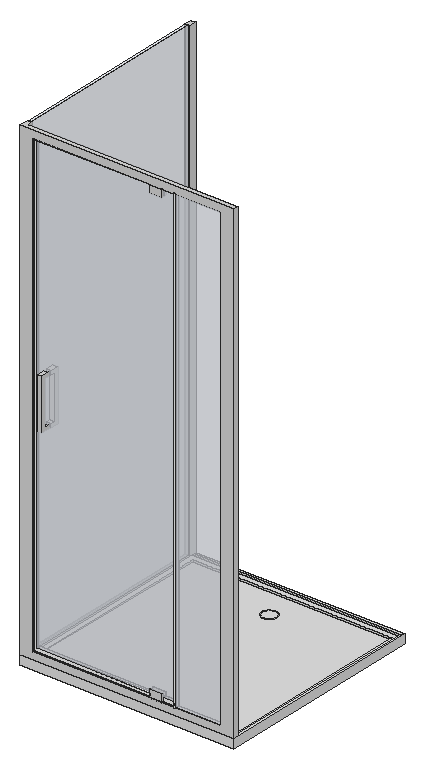
Revit family "Reece_Shower_Posh_Bristol MK2_Shower Base and Screen", category Plumbing Fixtures, Revit 2018
Family settings
  Round Connector Dimension = Use Diameter
  Part Type = Normal
  Work Plane-Based = Yes
  Always vertical = Yes
  Cut with Voids When Loaded = Yes
  Shared = Yes
  Room Calculation Point = Yes
Parameters (values of type "900mm x 900mm_Centre Rear Outlet")
  URL = "https://www.reece.com.au/product/-1712018"
  Type Comments = "Shower"
  Reece_Screen_Height = 2000 mm  # constant formula
  Reece_Product_Web Page = "https://www.reece.com.au/product/-1712018"
  Reece_Product_Type = "Shower"  # constant formula
  Reece_Product_Sub Brand = "Bristol MK2"  # constant formula
  Reece_Product_Number = "1712018"
  Reece_Product_Mount = "Floor Mounted"
  Reece_Product_Description = "Bristol Torbex MK2 Shower Base and Screen System 900 x 900mm"
  Reece_Product_Brand = "Posh"  # constant formula
  Reece_Overall_Width = 900 mm
  Reece_Overall_Height = 2035 mm  # constant formula
  Reece_Overall_Depth = 900 mm  # constant formula
  Reece_Material_Secondary = Reece_Plastic_Transparent
  Reece_Material_Screen = Reece_Safety Glass_Transparent
  Reece_Material_Main = Reece_Brass_Chrome
  Reece_Material_Base = Reece_Composite_White
  Reece_Detail_Function = "Left or Right Hand Opening"  # constant formula
  Reece_Detail_Disclaimer = "THIS FILE IS THE PROPERTY OF THE REECE GROUP. IT MAY NOT BE REPRODUCED, REVERSE-ENGINEERED OR MODIFIED. ANY REPUBLICATION, TRANSMISSION OR DISTRIBUTION FOR THE PURPOSE OF COMMERCIALLY EXPLOITING THE FILES IS PROHIBITED."  # constant formula
  Reece_Detail_Additional = "Shower System"  # constant formula
  Model = "Bristol MK2"
  Manufacturer = "Posh"
  Keynote = "Product #1712018, Reece_Shower_Posh_Bristol MK2_Shower Base and Screen - 900mm x 900mm_Centre Rear Outlet"
  Disclaimer = "THIS FILE IS THE PROPERTY OF THE REECE GROUP. IT MAY NOT BE REPRODUCED, REVERSE-ENGINEERED OR MODIFIED. ANY REPUBLICATION, TRANSMISSION OR DISTRIBUTION FOR THE PURPOSE OF COMMERCIALLY EXPLOITING THE FILES IS PROHIBITED."  # constant formula
  Description = "Bristol Torbex MK2 Shower Base and Screen System 900 x 900mm"
  Default Elevation = 0 mm
Types (3, lengths in mm): name | URL | Reece_Product_Web Page | Reece_Product_Number | Reece_Product_Description | Reece_Overall_Width | Keynote | Description
  (no name) | "https://www.reece.com.au/product/-1712018" | "https://www.reece.com.au/product/-1712018" | "1712018" | "Bristol Torbex MK2 Shower Base and Screen System 900 x 900mm" | 900 | "Product #1712018, Reece_Shower_Posh_Bristol MK2_Shower Base and Screen -  " | "Bristol Torbex MK2 Shower Base and Screen System 900 x 900mm"
  900mm x 900mm_Centre Rear Outlet | "https://www.reece.com.au/product/-1712018" | "https://www.reece.com.au/product/-1712018" | "1712018" | "Bristol Torbex MK2 Shower Base and Screen System 900 x 900mm" | 900 | "Product #1712018, Reece_Shower_Posh_Bristol MK2_Shower Base and Screen - 900mm x 900mm_Centre Rear Outlet" | "Bristol Torbex MK2 Shower Base and Screen System 900 x 900mm"
  1200mm x 900mm_Centre Rear Outlet | "https://www.reece.com.au/product/-1712019" | "https://www.reece.com.au/product/-1712019" | "1712019" | "Bristol Torbex MK2 Base and Screen System 1200 x 900mm" | 1200 | "Product #1712019, Reece_Shower_Posh_Bristol MK2_Shower Base and Screen - 1200mm x 900mm_Centre Rear Outlet" | "Bristol Torbex MK2 Base and Screen System 1200 x 900mm"
Reference planes
  plane 1 "Center (Front/Back)": y = 0
  plane 2 "Height From Floor": z = 0
  plane 3 "Center (Left/Right)": x = 0
  plane 4 "Bottom Of Invisible Line": z = -5
  plane 5: x = 450
  plane 6: x = -450
  plane 7: z = 2035
  plane 8: z = 35
  plane 9: y = 450
  plane 10: y = -450
Lines and regions (mm)
  model lines, style "InvisibleLines"
    curve 1: line (0, 0, -5) -> (0, 0, 0)
Text (mm)
  text "Reece ©" at (3346.054, -2381.597, 2289.162), in view "Reece Preview"
  text "Reece Copyright © 2018, Reece Ltd." at (-1480.688, -1049.466, 0), in view "Ref. Level"
Dimensions and locks
  level to plane 2 "Height From Floor" = 0 mm
  locked: level to plane 4 "Bottom Of Invisible Line" at 5
  "Reece_Overall_Width": plane 6 to plane 5
  equal spacing: plane 6, plane 3 "Center (Left/Right)", plane 5
  "Reece_Screen_Height": plane 7 to plane 8
  "Reece_Overall_Height": plane 7 to level
  plane 8 to level = 35 mm
  "Reece_Overall_Depth": plane 10 to plane 9
  equal spacing: plane 10, plane 1 "Center (Front/Back)", plane 9
  nested 2 to nested 2 to nested 2 = 195 mm, 597.5 mm
  aligned and locked: plane 3 "Center (Left/Right)" to nested 1
  aligned and locked: plane 1 "Center (Front/Back)" to nested 1
  aligned and locked: plane 3 "Center (Left/Right)" to nested 2
  aligned and locked: plane 1 "Center (Front/Back)" to nested 2
Automatic sketch dimensions
  curve 1 to level = 0 mm
  curve 1 to plane 3 "Center (Left/Right)" = 0 mm
  curve 1 to plane 4 "Bottom Of Invisible Line" = 0 mm
Nested families
  nested 1: "Reece_Shower_Posh_Bristol MK2_Shower Base_Nested" at (0, 0, 0), Reece_Overall_Depth <- "Reece_Overall_Depth", Reece_Overall_Width <- "Reece_Overall_Width", Reece_Material_Base <- "Reece_Material_Base", type "Composite"
    with Reece_Overall_Width 900 mm, Reece_Overall_Depth 900 mm, Reece_Material_Base Reece_Composite_White
  nested 2: "Reece_Shower_Posh_Bristol MK2_Shower Door & Screen_Nested" at (0, 0, 35), Reece_Material_Main <- "Reece_Material_Main", Reece_Material_Screen <- "Reece_Material_Screen", Reece_Material_Secondary <- "Reece_Material_Secondary", Reece_Overall_Depth <- "Reece_Overall_Depth", Reece_Overall_Width <- "Reece_Overall_Width", type "Reece_Shower_Posh_Bristol MK2_Shower Door & Screen_Nested"
    with Reece_Overall_Width 900 mm, Reece_Overall_Depth 900 mm, Reece_Material_Secondary Reece_Plastic_Transparent, Reece_Material_Screen Reece_Safety Glass_Transparent, Reece_Material_Main Reece_Brass_Chrome
Definition of nested family "Reece_Shower_Posh_Bristol MK2_Shower Base_Nested"
  Parameters (values of type "Composite")
    Waste Connection = no
    WFU = 0
    Vent Connection = no
    URL = ""
    Type Comments = ""
    Reece_Overall_Width [instance] = 900 mm
    Reece_Overall_Depth [instance] = 900 mm
    Reece_Material_Base [instance] = none
    Model = ""
    Manufacturer = ""
    Keynote = ""
    HWFU = 0
    HW Connection = no
    Description = ""
    Default Elevation = 0 mm
    Cost = 0
    CWFU = 0
    CW Connection = no
    Assembly Code = ""
  Reference planes
    plane 1 "Center (Front/Back)": y = 0
    plane 2: z = 0
    plane 3 "Center (Left/Right)": x = 0
    plane 4: x = -450
    plane 5: x = 450
    plane 6: y = -450
    plane 7: y = 450
  Forms (mm)
    Extrusion 1, solid
      sketch origin (619.2, 470, 0) x (1, 0, 0) y (0, 1, 0)
        loop
          line (-1219.2, 130) -> (-1219.2, -1070) -> (-19.2, -1070) -> (-19.2, 130) -> (-1219.2, 130)
      from 0 to -35.776
    Sweep 2, solid, material <- "Reece_Material_Base"
      path origin (0, 0, 0) x (-1, 0, 0) y (0, -1, 0)
        loop
          line (-450, 450) -> (-450, -450) -> (450, -450) -> (450, 450) -> (-450, 450)
      profile origin (450, 0, 0) x (-1, 0, 0) y (0, 0, 1)
        loop
          line (0, 0) -> (30, 0) -> (30, 25) -> (10, 25) -> (10, 35) -> (0, 35) -> (0, 0)
    Extrusion 3, solid, material <- "Reece_Material_Base"
      sketch origin (0, -450, 0) x (-1, 0, 0) y (0, -1, 0)
        loop
          line (-420, -30) -> (-420, -870) -> (420, -870) -> (420, -30) -> (-420, -30)
        loop
          circle (0, -750) r 31
        loop
          circle (0, -750) r 30.5
      from 0 to 25
    Extrusion 4, void
      sketch origin (0, 0, 0) x (0, 1, 0) y (0, 0, 1)
        loop
          line (420, 15.227) -> (420, 25) -> (-440, 25) -> (420, 15.227)
      from -420 to 420
  Cuts and joins
    Extrusion 4 cuts Sweep 2
    Extrusion 4 cuts Extrusion 3
    joined: Sweep 2, Extrusion 3
  Text (mm)
    text "Reece Copyright © 2018, Reece Ltd." at (-1624.402, -1205.801, 0), in view "Ref. Level"
    text "Reece ©" at (651.51, -88.566, -141.437), in view "Reece_Preview"
  Dimensions and locks
    "Reece_Overall_Width": plane 4 to plane 5
    equal spacing: plane 4, plane 3 "Center (Left/Right)", plane 5
    "Reece_Overall_Depth": plane 7 to plane 6
    equal spacing: plane 7, plane 1 "Center (Front/Back)", plane 6
    locked: plane 4 to cut or joined group of Sweep 2, Extrusion 3, Extrusion 4 at 30
    locked: plane 7 to cut or joined group of Sweep 2, Extrusion 3, Extrusion 4 at 30
    locked: cut or joined group of Sweep 2, Extrusion 3, Extrusion 4 to plane 5 at 30
    locked: Extrusion 3 sketch curve to plane 6 at 30
    aligned and locked: Extrusion 1 to plane 2
    aligned and locked: Extrusion 1 to level
    aligned and locked: Sweep 2 sketch curve to plane 5
    aligned and locked: plane 4 to Sweep 2 sketch curve
    aligned and locked: plane 7 to Sweep 2 sketch curve
    aligned and locked: Sweep 2 sketch curve to plane 4
    aligned and locked: Sweep 2 sketch curve to plane 6
  Automatic sketch dimensions
    Extrusion 1 sketch curve to Extrusion 1 sketch curve = 1200 mm  (x2)
    Sweep 2 sketch curve to level = 0 mm
    Sweep 2 sketch curve to profile plane = 0 mm
    Extrusion 3 sketch curve to plane 3 "Center (Left/Right)" = 0 mm
    Extrusion 3 sketch curve to plane 4 = 30 mm
    plane 5 to Extrusion 3 sketch curve = 30 mm
    Extrusion 3 sketch curve to plane 7 = 30 mm
    Extrusion 3 sketch curve to plane 7 = 150 mm
    Extrusion 3 sketch curve to Extrusion 3 sketch curve = 0 mm  (x2)
    Sweep 2 sketch curve to Sweep 2 sketch curve = 10 mm  (x2)
    Sweep 2 sketch curve to Sweep 2 sketch curve = 20 mm
    level to Sweep 2 sketch curve = 25 mm
    Extrusion 4 sketch curve to plane 6 = 10 mm
    Extrusion 4 sketch curve to plane 7 = 30 mm
    level to Extrusion 4 sketch curve = 15.227 mm
    level to Extrusion 4 sketch curve = 25 mm
    radius of Extrusion 3 sketch curve = 31 mm
    radius of Extrusion 3 sketch curve = 30.5 mm
Definition of nested family "Reece_Shower_Posh_Bristol MK2_Shower Door & Screen_Nested"
  Parameters (values of type "Reece_Shower_Posh_Bristol MK2_Shower Door & Screen_Nested")
    Waste Connection = no
    WFU = 0
    Vent Connection = no
    URL = ""
    Type Comments = ""
    Reece_Overall_Width [instance] = 900 mm
    Reece_Overall_Depth [instance] = 900 mm
    Reece_Material_Secondary [instance] = none
    Reece_Material_Screen [instance] = none
    Reece_Material_Main [instance] = none
    Model = ""
    Manufacturer = ""
    Keynote = ""
    HWFU = 0
    HW Connection = no
    Description = ""
    Default Elevation = 0 mm
    Cost = 0
    CWFU = 0
    CW Connection = no
    Assembly Code = ""
  Reference planes
    plane 1 "Center (Front/Back)": y = 0
    plane 2: z = 0
    plane 3 "Center (Left/Right)": x = 0
    plane 4: x = 450
    plane 5: x = -450
    plane 6: y = -450
    plane 7: y = 450
    plane 8: x = 201
    plane 9: x = 396
    plane 10: x = -430
    plane 11: y = 420
    plane 12: y = -430
    plane 13: x = -351.5
    plane 14: x = -331.5
    plane 15: x = 148.5
    plane 16: x = 96
    plane 17: x = -396.5
  Forms (mm)
    Extrusion 1, solid
      sketch origin (619.2, 20, 0) x (1, 0, 0) y (0, 1, 0)
        loop
          line (-1219.2, 580) -> (-1219.2, -620) -> (-19.2, -620) -> (-19.2, 580) -> (-1219.2, 580)
      from 0 to -35.776
    Extrusion 2, solid, material <- "Reece_Material_Main"
      sketch origin (68.406, 78.774, 0) x (1, 0, 0) y (0, 1, 0)
        loop
          line (327.594, -528.774) -> (381.594, -528.774) -> (381.594, -508.774) -> (327.594, -508.774) -> (327.594, -528.774)
      from 0 to 2000
    Extrusion 3, solid, material <- "Reece_Material_Screen"
      sketch origin (9.399, -21.5, 0) x (1, 0, 0) y (0, 1, 0)
        loop
          line (190.101, -412.5) -> (-404.399, -412.5) -> (-404.399, -424.5) -> (190.101, -424.5) -> (190.101, -412.5)
      from 38 to 1963
    Extrusion 4, solid, material <- "Reece_Material_Main"
      sketch origin (0, 205.576, -154.666) x (0, 1, 0) y (0, 0, 1)
        loop
          line (-686.576, 1047.166) -> (-651.576, 1047.166) -> (-651.576, 1062.166) -> (-671.576, 1062.166) -> (-671.576, 1247.166) -> (-651.576, 1247.166) -> (-651.576, 1262.166) -> (-686.576, 1262.166) -> (-686.576, 1047.166)
      from -351.5 to -331.5
    Extrusion 5, solid, material <- "Reece_Material_Main"
      sketch origin (-801.593, 78.774, 0) x (1, 0, 0) y (0, 1, 0)
        loop
          line (351.593, -528.774) -> (405.093, -528.774) -> (405.093, -508.774) -> (371.593, -508.774) -> (371.593, -488.774) -> (351.593, -488.774) -> (351.593, -528.774)
      from 0 to 2000
    Extrusion 6, solid, material <- "Reece_Material_Main"
      sketch origin (-958.774, 68.406, 0) x (0, 1, 0) y (-1, 0, 0)
        loop
          line (351.594, -528.774) -> (381.594, -528.774) -> (381.594, -508.774) -> (351.594, -508.774) -> (351.594, -528.774)
      from 0 to 2000
    Extrusion 7, solid, material <- "Reece_Material_Main"
      sketch origin (23.406, 78.774, 0) x (1, 0, 0) y (0, 1, 0)
        loop
          line (-419.906, -528.774) -> (372.594, -528.774) -> (372.594, -508.774) -> (-419.906, -508.774) -> (-419.906, -528.774)
      from 1970 to 2000
    Extrusion 8, solid, material <- "Reece_Material_Main"
      sketch origin (23.406, 78.774, 0) x (1, 0, 0) y (0, 1, 0)
        loop
          line (-419.906, -528.774) -> (372.594, -528.774) -> (372.594, -508.774) -> (-419.906, -508.774) -> (-419.906, -528.774)
      from 0 to 30
    Extrusion 9, solid, material <- "Reece_Material_Secondary"
      sketch origin (-137.272, -48.661, 0) x (1, 0, 0) y (0, 1, 0)
        loop
          line (342.272, -398.339) -> (339.772, -398.339) -> (339.772, -384.339) -> (342.272, -384.339) -> (342.272, -381.339) -> (334.272, -381.339) -> (334.272, -384.339) -> (336.772, -384.339) -> (336.772, -398.339) -> (334.272, -398.339) -> (334.272, -401.339) -> (342.272, -401.339) -> (342.272, -398.339)
      from 30 to 1970
    Extrusion 10, solid, material <- "Reece_Material_Screen"
      sketch origin (290.601, -21.5, 0) x (-1, 0, 0) y (0, -1, 0)
        loop
          line (88.101, 412.5) -> (88.101, 424.5) -> (-105.399, 424.5) -> (-105.399, 412.5) -> (88.101, 412.5)
      from 30 to 1970
    Extrusion 11, solid, material <- "Reece_Material_Main"
      sketch origin (0, -1085.576, -154.666) x (0, -1, 0) y (0, 0, -1)
        loop
          line (-686.576, -1047.166) -> (-686.576, -1262.166) -> (-651.576, -1262.166) -> (-651.576, -1247.166) -> (-671.576, -1247.166) -> (-671.576, -1062.166) -> (-651.576, -1062.166) -> (-651.576, -1047.166) -> (-686.576, -1047.166)
      from -351.5 to -331.5
    Extrusion 12, solid, material <- "Reece_Material_Screen"
      sketch origin (-858.5, 4.399, 0) x (0, 1, 0) y (-1, 0, 0)
        loop
          line (415.601, -412.5) -> (-414.399, -412.5) -> (-414.399, -424.5) -> (415.601, -424.5) -> (415.601, -412.5)
      from 0 to 2000
    Extrusion 13, solid, material <- "Reece_Material_Secondary"
      sketch origin (0, 0, 0) x (1, 0, 0) y (0, 0, 1)
        loop
          line (197, 37) -> (197, 50.5) -> (-383, 50.5) -> (-383, 1963) -> (-396.5, 1963) -> (-396.5, 37) -> (197, 37)
      from 432.5 to 447.5
    Extrusion 14, void
      sketch origin (0, 0, 0) x (1, 0, 0) y (0, 0, 1)
        loop
          line (197, 50.5) -> (-383, 50.5) -> (-383, 1963) -> (-395, 1963) -> (-395, 38) -> (197, 38) -> (197, 50.5)
      from 434 to 446
    Extrusion 15, solid, material <- "Reece_Material_Main"
      sketch origin (-1, 0, 3.5) x (1, 0, 0) y (0, 0, 1)
        loop
          line (149.5, 30) -> (149.5, 60) -> (97, 60) -> (97, 30) -> (149.5, 30)
      from 430 to 450
    Extrusion 16, void
      sketch origin (89, 0, 3.5) x (1, 0, 0) y (0, 0, 1)
        loop
          line (7, 60) -> (7, 33.5) -> (59.5, 33.5) -> (59.5, 60) -> (7, 60)
      from 432.5 to 447.5
    Extrusion 17, solid, material <- "Reece_Material_Main"
      sketch origin (-1, 0, 1996.5) x (1, 0, 0) y (0, 0, 1)
        loop
          line (149.5, -30) -> (97, -30) -> (97, -60) -> (149.5, -60) -> (149.5, -30)
      from 430 to 450
    Extrusion 18, void
      sketch origin (89, 0, 1996.5) x (1, 0, 0) y (0, 0, 1)
        loop
          line (7, -60) -> (59.5, -60) -> (59.5, -33.5) -> (7, -33.5) -> (7, -60)
      from 434 to 446
    Extrusion 19, solid, material <- "Reece_Material_Main"
      sketch origin (0, 0, -2.5) x (0, 1, 0) y (0, 0, 1)
        loop
          line (-434, 1105) -> (-446, 1105) -> (-446, 1100) -> (-434, 1100) -> (-434, 1105)
      from -346.5 to -336.5
    Extrusion 20, solid, material <- "Reece_Material_Main"
      sketch origin (0, 0, -202.5) x (0, 1, 0) y (0, 0, 1)
        loop
          line (-434, 1105) -> (-446, 1105) -> (-446, 1100) -> (-434, 1100) -> (-434, 1105)
      from -346.5 to -336.5
    Extrusion 21, solid, material <- "Reece_Material_Main"
      sketch origin (-1, 0, 1935) x (1, 0, 0) y (0, 0, 1)
        loop
          line (149.5, 33) -> (149.5, 35) -> (97, 35) -> (97, 33) -> (149.5, 33)
      from 430 to 450
    Extrusion 22, solid, material <- "Reece_Material_Main"
      sketch origin (-1, 0, -1) x (1, 0, 0) y (0, 0, 1)
        loop
          line (149.5, 31) -> (149.5, 33) -> (97, 33) -> (97, 31) -> (149.5, 31)
      from 430 to 450
    Extrusion 23, solid, material <- "Reece_Material_Main"
      sketch origin (0, 0, 0) x (1, 0, 0) y (0, 1, 0)
        loop
          circle (123.5, -440.022) r 5
      from 32 to 33.5
    Extrusion 24, solid, material <- "Reece_Material_Main"
      sketch origin (0, 0, 0) x (1, 0, 0) y (0, 1, 0)
        loop
          circle (123.5, -440.022) r 5
      from 1966.5 to 1968
  Cuts and joins
    Extrusion 14, Extrusion 16, Extrusion 18 cuts Extrusion 13
    Extrusion 18 cuts Extrusion 3
    Extrusion 16, Extrusion 18 cuts Extrusion 15
    Extrusion 18 cuts Extrusion 17
    joined: Extrusion 2, Extrusion 5, Extrusion 6, Extrusion 7, Extrusion 8, Extrusion 15, Extrusion 17, Extrusion 21, Extrusion 22, Extrusion 23, Extrusion 24
    joined: Extrusion 4, Extrusion 11, Extrusion 19, Extrusion 20
  Lines and regions (mm)
    symbolic lines
      curve 1: line (209.5, -450, 0) -> (209.5, -1047.88, 0)
      curve 2: line (189, -450, 0) -> (189, -1047.88, 0)
      curve 3: line (209.5, -1047.88, 0) -> (189, -1047.88, 0)
      curve 4: arc (-396.5, -450.5, 0) -> (-225.718, -868.732, 0) -> (189, -1047.88, 0) r 597.5
  Text (mm)
    text "Reece Copyright © 2018, Reece Ltd." at (-900.583, -1091.375, 0), in view "Ref. Level"
    text "Reece ©" at (651.51, -88.566, -141.437), in view "Reece_Preview"
  Dimensions and locks
    "Reece_Overall_Width": plane 5 to plane 4
    equal spacing: plane 5, plane 3 "Center (Left/Right)", plane 4
    equal spacing: plane 7, plane 1 "Center (Front/Back)", plane 6
    "Reece_Overall_Depth": plane 7 to plane 6
    locked: plane 9 to plane 4 at 54
    locked: plane 5 to plane 10 at 20
    locked: plane 11 to plane 7 at 30
    locked: plane 12 to plane 6 at 20
    locked: plane 13 to plane 14 at 20
    locked: plane 13 to cut or joined group of Extrusion 4, Extrusion 11, Extrusion 19, Extrusion 20 at 5
    locked: plane 14 to cut or joined group of Extrusion 4, Extrusion 11, Extrusion 19, Extrusion 20 at 5  (x2)
    locked: cut or joined group of Extrusion 4, Extrusion 11, Extrusion 19, Extrusion 20 to plane 13 at 5
    locked: Extrusion 9 sketch curve to plane 8 at 4  (x2)
    locked: plane 8 to Extrusion 9 sketch curve at 4  (x2)
    locked: plane 16 to plane 15 at 52.5
    locked: plane 15 to plane 8 at 52.5
    plane 12 to cut or joined group of Extrusion 3, Extrusion 18 = 4 mm
    locked: plane 6 to cut or joined group of Extrusion 3, Extrusion 18 at 4
    locked: plane 10 to plane 17 at 33.5
    locked: curve 2 to plane 8 at 12
    plane 6 to curve 4 = 597.88 mm
    plane 9 to plane 8 = 195 mm
    locked: plane 17 to plane 13 at 45
    locked: plane 17 to plane 8 at 597.5
    aligned and locked: Extrusion 1 to plane 2
    aligned and locked: Extrusion 1 to level
    aligned and locked: cut or joined group 1 (Extrusion 2, Extrusion 5, Extrusion 6, Extrusion 7, Extrusion 8, Extrusion 15, Extrusion 16, Extrusion 17, Extrusion 18, Extrusion 21, Extrusion 22, Extrusion 23, Extrusion 24) to plane 5  (x2)
    aligned and locked: plane 4 to cut or joined group 1
    aligned and locked: cut or joined group 1 to plane 9
    aligned and locked: plane 9 to cut or joined group 1
    aligned and locked: plane 9 to Extrusion 10
    aligned and locked: plane 10 to cut or joined group 1
    aligned and locked: cut or joined group 1 to plane 11
    aligned and locked: plane 11 to Extrusion 12
    aligned and locked: plane 12 to cut or joined group 1
    aligned and locked: cut or joined group of Extrusion 4, Extrusion 11, Extrusion 19, Extrusion 20 to plane 13  (x2)
    aligned and locked: plane 14 to cut or joined group of Extrusion 4, Extrusion 11, Extrusion 19, Extrusion 20  (x2)
    aligned and locked: Extrusion 23 to Extrusion 22
    aligned and locked: plane 15 to Extrusion 21
    aligned and locked: Extrusion 21 to plane 16
    aligned and locked: plane 15 to Extrusion 22
    aligned and locked: Extrusion 22 to plane 16
    aligned and locked: plane 15 to cut or joined group of Extrusion 3, Extrusion 18
    aligned and locked: cut or joined group of Extrusion 3, Extrusion 18 to plane 16
    aligned and locked: Extrusion 15 to Extrusion 16
    aligned and locked: Extrusion 16 to Extrusion 15
    aligned and locked: Extrusion 13 to Extrusion 16  (x2)
    aligned and locked: Extrusion 3 to Extrusion 18  (x2)
    aligned and locked: plane 17 to cut or joined group 1
    aligned and locked: curve 3 to curve 4
  Automatic sketch dimensions
    Extrusion 1 sketch curve to Extrusion 1 sketch curve = 1200 mm  (x2)
    curve 4 to plane 17 = 0 mm
    curve 4 to plane 8 = 0 mm
    curve 1 to plane 6 = 0 mm
    curve 2 to plane 6 = 0 mm
    Extrusion 2 sketch curve to plane 6 = 0 mm
    Extrusion 2 sketch curve to plane 9 = 0 mm
    Extrusion 2 sketch curve to plane 4 = 0 mm
    Extrusion 2 sketch curve to plane 12 = 0 mm
    plane 17 to Extrusion 3 sketch curve = 1.5 mm
    Extrusion 3 sketch curve to plane 8 = 1.5 mm
    plane 6 to Extrusion 3 sketch curve = 4 mm
    Extrusion 3 sketch curve to plane 12 = 4 mm
    Extrusion 4 sketch curve to plane 6 = 31 mm
    Extrusion 4 sketch curve to plane 6 = 16 mm
    plane 6 to Extrusion 4 sketch curve = 4 mm  (x2)
    level to Extrusion 4 sketch curve = 892.5 mm
    Extrusion 4 sketch curve to Extrusion 4 sketch curve = 15 mm  (x2)
    Extrusion 4 sketch curve to Extrusion 4 sketch curve = 185 mm
    Extrusion 5 sketch curve to plane 5 = 0 mm
    Extrusion 5 sketch curve to plane 10 = 0 mm
    Extrusion 5 sketch curve to plane 6 = 0 mm
    Extrusion 5 sketch curve to plane 17 = 0 mm
    Extrusion 5 sketch curve to plane 12 = 0 mm
    plane 12 to Extrusion 5 sketch curve = 20 mm
    Extrusion 6 sketch curve to plane 10 = 0 mm
    Extrusion 6 sketch curve to plane 11 = 0 mm
    Extrusion 6 sketch curve to plane 5 = 0 mm
    plane 7 to Extrusion 6 sketch curve = 0 mm
    Extrusion 7 sketch curve to plane 6 = 0 mm
    Extrusion 7 sketch curve to plane 17 = 0 mm
    Extrusion 7 sketch curve to plane 9 = 0 mm
    Extrusion 7 sketch curve to plane 12 = 0 mm
    Extrusion 8 sketch curve to plane 6 = 0 mm
    Extrusion 8 sketch curve to plane 17 = 0 mm
    Extrusion 8 sketch curve to plane 9 = 0 mm
    Extrusion 8 sketch curve to plane 12 = 0 mm
    Extrusion 9 sketch curve to plane 6 = 0 mm
    Extrusion 9 sketch curve to plane 12 = 0 mm
    Extrusion 9 sketch curve to plane 8 = 1.5 mm
    plane 8 to Extrusion 9 sketch curve = 1.5 mm
    Extrusion 9 sketch curve to Extrusion 9 sketch curve = 3 mm  (x2)
    Extrusion 9 sketch curve to plane 12 = 3 mm  (x2)
    Extrusion 10 sketch curve to plane 9 = 0 mm
    Extrusion 10 sketch curve to plane 8 = 1.5 mm
    Extrusion 10 sketch curve to plane 6 = 4 mm
    plane 12 to Extrusion 10 sketch curve = 4 mm
    Extrusion 11 sketch curve to plane 12 = 31 mm
    Extrusion 11 sketch curve to plane 12 = 16 mm
    plane 12 to Extrusion 11 sketch curve = 4 mm  (x2)
    Extrusion 11 sketch curve to level = 892.5 mm
    Extrusion 11 sketch curve to Extrusion 11 sketch curve = 15 mm  (x2)
    Extrusion 11 sketch curve to Extrusion 11 sketch curve = 185 mm
    Extrusion 12 sketch curve to plane 11 = 0 mm
    Extrusion 12 sketch curve to plane 10 = 4 mm
    plane 12 to Extrusion 12 sketch curve = 20 mm
    plane 5 to Extrusion 12 sketch curve = 4 mm
    Extrusion 13 sketch curve to plane 17 = 0 mm
    plane 17 to Extrusion 13 sketch curve = 13.5 mm
    Extrusion 13 sketch curve to plane 8 = 4 mm
    level to Extrusion 13 sketch curve = 37 mm
    Extrusion 13 sketch curve to Extrusion 13 sketch curve = 13.5 mm
    Extrusion 13 sketch curve to Extrusion 13 sketch curve = 1912.5 mm
    plane 17 to Extrusion 14 sketch curve = 1.5 mm
    Extrusion 14 sketch curve to Extrusion 14 sketch curve = 12 mm
    Extrusion 14 sketch curve to plane 8 = 4 mm
    level to Extrusion 14 sketch curve = 38 mm
    Extrusion 14 sketch curve to Extrusion 14 sketch curve = 12.5 mm
    Extrusion 14 sketch curve to Extrusion 14 sketch curve = 1912.5 mm
    Extrusion 15 sketch curve to plane 16 = 0 mm
    Extrusion 15 sketch curve to plane 15 = 0 mm
    level to Extrusion 15 sketch curve = 33.5 mm
    Extrusion 15 sketch curve to Extrusion 15 sketch curve = 30 mm
    Extrusion 16 sketch curve to plane 16 = 0 mm
    Extrusion 16 sketch curve to plane 15 = 0 mm
    level to Extrusion 16 sketch curve = 37 mm
    Extrusion 16 sketch curve to Extrusion 16 sketch curve = 26.5 mm
    Extrusion 17 sketch curve to plane 16 = 0 mm
    Extrusion 17 sketch curve to plane 15 = 0 mm
    Extrusion 17 sketch curve to level = 1966.5 mm
    Extrusion 17 sketch curve to Extrusion 17 sketch curve = 30 mm
    Extrusion 18 sketch curve to plane 16 = 0 mm
    Extrusion 18 sketch curve to plane 15 = 0 mm
    Extrusion 18 sketch curve to level = 1963 mm
    Extrusion 18 sketch curve to Extrusion 18 sketch curve = 26.5 mm
    plane 6 to Extrusion 19 sketch curve = 4 mm
    Extrusion 19 sketch curve to plane 12 = 4 mm
    level to Extrusion 19 sketch curve = 1097.5 mm
    Extrusion 19 sketch curve to Extrusion 19 sketch curve = 5 mm
    plane 6 to Extrusion 20 sketch curve = 4 mm
    Extrusion 20 sketch curve to plane 12 = 4 mm
    level to Extrusion 20 sketch curve = 897.5 mm
    Extrusion 20 sketch curve to Extrusion 20 sketch curve = 5 mm
    Extrusion 21 sketch curve to plane 16 = 0 mm
    Extrusion 21 sketch curve to plane 15 = 0 mm
    level to Extrusion 21 sketch curve = 1968 mm
    Extrusion 21 sketch curve to Extrusion 21 sketch curve = 2 mm
    Extrusion 22 sketch curve to plane 16 = 0 mm
    Extrusion 22 sketch curve to plane 15 = 0 mm
    level to Extrusion 22 sketch curve = 30 mm
    Extrusion 22 sketch curve to Extrusion 22 sketch curve = 2 mm
    plane 6 to Extrusion 23 sketch curve = 9.978 mm
    Extrusion 23 sketch curve to plane 15 = 25 mm
    plane 6 to Extrusion 24 sketch curve = 9.978 mm
    Extrusion 24 sketch curve to plane 15 = 25 mm
    plane 8 to curve 3 = 8.5 mm
    radius of Extrusion 23 sketch curve = 5 mm
    radius of Extrusion 24 sketch curve = 5 mm
